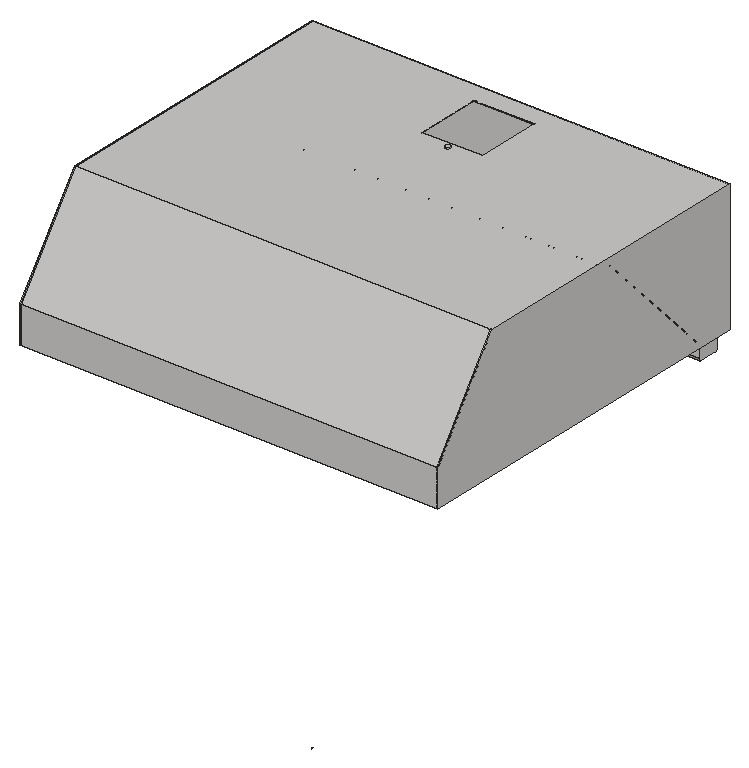
Revit family "QF_ELECTROLUXPROFESSIONAL_644229_ABPV1416BT", category Attrezzature speciali, Revit 2021
Family settings
  Quota connettore circolare = Usa diametro
  Tipo di parte = Normale
  Basato su piano di lavoro = No
  Sempre verticale = Sì
  Taglio con vuoti quando caricato = No
  Condiviso = No
  Punto di calcolo locali = No
Parameters (values of type "Standard")
  Weight = 57.00 kg
  Watts = 300 W
  Volts = 220 V
  URL Manufacturer = "https://www.electroluxprofessional.com/"
  URL = "https://www.electroluxprofessional.com/"
  Steam Supply Size = 0 mm
  Steam Supply Minimum Pressure = 0.0 Pa
  Steam Supply Maximum Pressure = 0.0 Pa
  Steam Consumption per Hour = 0
  Refrigeration Suction Line Size = 0 mm
  Refrigeration Liquid Line Size = 0 mm
  Refrigerant Compressor Remote = yes
  Prospetto di default = 0 mm
  Produttore = "Electrolux Professional"
  Phase = 1
  Modello = "ABPV1416BT"
  Length Actual = 1600 mm  # constant formula
  Item Number = "644229"
  Hot Water Size = 0 mm
  Height Actual = 500 mm  # constant formula
  HP = "0.4 HP"
  Gas Size = 0 mm
  Gas KW = 0
  Gas Input Pressure = 0 W
  Direct Waste Size = 0 mm
  Descrizione = "430 S/S WALL HOOD+FILTER+FAN 1600X1400MM"
  Depth Actual = 1400 mm  # constant formula
  Cycle = 50 Hz
  Condensate Return Size = 0 mm
  Compressed Air Volume = 0.0 L/s
  Compressed Air Size = 0 mm
  Compressed Air Pressure = 0.0 Pa
  Cold Water Size = 0 mm
  Accessory = yes
Reference planes
  plane 1: z = 0
  plane 2 "Center (Left/Right)": x = 150
  plane 3 "LEFT": x = -650
  plane 4 "RIGHT": x = 950
  plane 5 "BACK": y = 550
  plane 6 "TOP": z = 2500
  plane 7 "Base": z = 2000
  plane 8: z = 1926
  plane 9 "DrainY": y = 485
  plane 10: x = -647
  plane 11: through (0, 414.509, 2000.8) normal (0, 0.7314, 0.682)
  plane 12: y = 470
  plane 13: y = 220
  plane 14 "DrainX": x = 830
  plane 15: x = 33.5
  plane 16: x = 266.5
  plane 17: x = 947
  plane 18: x = 740
  plane 19: x = 920
  plane 20: x = -450
  plane 21: x = 750
  plane 22: x = -47.5
  plane 23: x = 347.5
  plane 24: z = 2140
  plane 25: y = -290
  plane 26: y = 200
  plane 27 "Center (Front/Back)": y = -150
  plane 28 "Front": y = -850
Forms (mm)
  Extrusion 1, solid, material "QF_Finishes_Stainless Steel"
    sketch origin (-650, 0, 360) x (0, 1, 0) y (0, 0, 1)
      loop
        line (550, 1640) -> (550, 2140) -> (-590, 2140) -> (-850, 1780) -> (-850, 1640) -> (550, 1640)
    from 0 to 3
  Extrusion 2, solid, material "QF_Finishes_Stainless Steel"
    sketch origin (150, 0, 360) x (0, 1, 0) y (0, 0, 1)
      loop
        line (415.255, 1640) -> (550, 1640) -> (550, 2139.19) -> (549.2, 2139.19) -> (549.2, 1640.8) -> (415.876, 1640.8) -> (339.347, 1722.867) -> (349.609, 1732.436) -> (348.927, 1733.167) -> (337.934, 1722.917) -> (415.255, 1640)
      loop
        line (-82.203, 2139.19) -> (-82.203, 2118.6) -> (-31.047, 2118.6) -> (34.354, 2048.466) -> (46.028, 2059.352) -> (45.346, 2060.083) -> (34.403, 2049.879) -> (-30.612, 2119.6) -> (-81.203, 2119.6) -> (-81.203, 2139.19) -> (-82.203, 2139.19)
    from -797 to 797
  Extrusion 3, solid, material "QF_Finishes_Stainless Steel"
    sketch origin (950, 0, 360) x (0, 1, 0) y (0, 0, 1)
      loop
        line (550, 1640) -> (550, 2140) -> (-590, 2140) -> (-850, 1780) -> (-850, 1640) -> (550, 1640)
    from 0 to -3
  Extrusion 4, solid, material "QF_Finishes_Stainless Steel"
    sketch origin (150, 0, 360) x (0, 1, 0) y (0, 0, 1)
      loop
        line (-590, 2140) -> (-850, 1780) -> (-850, 1640) -> (-849.2, 1640) -> (-849.2, 1779.741) -> (-589.598, 2139.19) -> (550, 2139.19) -> (550, 2140) -> (-590, 2140)
    from -800 to 800
  Extrusion 5, solid, material "QF_Finishes_Stainless Steel"
    sketch origin (150, 0, 360) x (0, 1, 0) y (0, 0, 1)
      loop
        line (534, 1640) -> (436, 1640) -> (436, 1627) -> (443.5, 1627) -> (443.5, 1576)
        arc (443.5, 1576) -> (446.429, 1568.929) -> (453.5, 1566) r 10
        line (453.5, 1566) -> (516.5, 1566)
        arc (516.5, 1566) -> (523.571, 1568.929) -> (526.5, 1576) r 10
        line (526.5, 1576) -> (526.5, 1627) -> (534, 1627) -> (534, 1640)
    from 590 to 770
  Extrusion 6, solid, material "QF_Finishes_Stainless Steel"
    sketch origin (0, 0, 2000) x (0, 1, 0) y (-1, 0, 0)
      loop
        circle (485, -830) r 20
    from -76 to -74
  Extrusion 7, solid, material "QF_Finished_Chrome"
    sketch origin (150, 0, 360) x (0, 1, 0) y (0, 0, 1)
      loop
        line (337.934, 1722.917) -> (341.591, 1726.327) -> (38.011, 2051.876) -> (34.354, 2048.466) -> (337.934, 1722.917)
    from -197.5 to -600
  Extrusion 8, solid, material "QF_Finishes_Stainless Steel"
    sketch origin (150, 0, 360) x (0, 1, 0) y (0, 0, 1)
      loop
        line (337.934, 1722.917) -> (341.591, 1726.327) -> (38.011, 2051.876) -> (34.354, 2048.466) -> (337.934, 1722.917)
    from 797 to 600
  Extrusion 9, solid, material "QF_Finished_Chrome"
    sketch origin (150, 0, 360) x (0, 1, 0) y (0, 0, 1)
      loop
        line (341.588, 1726.324) -> (38.009, 2051.874) -> (34.354, 2048.466) -> (337.934, 1722.917) -> (341.588, 1726.324)
    from 197.5 to 600
  Extrusion 10, void
    sketch origin (0, 0, 2500) x (0, 1, 0) y (-1, 0, 0)
      loop
        line (470, -266.5) -> (470, -33.5) -> (220, -33.5) -> (220, -266.5) -> (470, -266.5)
    from 0 to -10
  Extrusion 11, solid, material "QF_Finishes_Stainless Steel"
    sketch origin (0, 0, 0) x (1, 0, 0) y (0, 1, 0)
      loop
        line (-650, 550) -> (-650, 549) -> (-649, 549) -> (-649, 550) -> (-650, 550)
    from 0 to 1
  Extrusion 12, solid, material "QF_Finishes_Stainless Steel"
    sketch origin (150, 0, 360) x (0, 1, 0) y (0, 0, 1)
      loop
        line (337.934, 1722.917) -> (341.591, 1726.327) -> (38.011, 2051.876) -> (34.354, 2048.466) -> (337.934, 1722.917)
    from -600 to -797
  Extrusion 13, solid, material "QF_Finishes_Stainless Steel"
    sketch origin (150, 0, 360) x (0, 1, 0) y (0, 0, 1)
      loop
        line (337.934, 1722.917) -> (341.591, 1726.327) -> (38.011, 2051.876) -> (34.354, 2048.466) -> (337.934, 1722.917)
    from 197.5 to -197.5
  Extrusion 14, solid, material "QF_Finishes_Stainless Steel"
    sketch origin (0, 0, 2500) x (0, 1, 0) y (-1, 0, 0)
      loop
        circle (200, -150) r 10
    from 0 to 1.6
Cuts and joins
  Extrusion 10 cuts Extrusion 4
  joined: Extrusion 2, Extrusion 4
Lines and regions (mm)
  reference lines
    curve 1: line (150, 34.354, 2408.466) -> (150, 34.354, 2248.466)
  symbolic lines, style "SpecialityEquipment", detail levels coarse
    curve 2: line (950, 550, 2500) -> (-650, 550, 2500)
    curve 3: line (-650, 550, 2500) -> (-650, -850, 2500)
    curve 4: line (950, -850, 2500) -> (950, 550, 2500)
    curve 5: line (-650, -850, 2500) -> (950, -850, 2500)
    curve 6: line (266.5, 220, 2500) -> (33.5, 220, 2500)
    curve 7: line (266.5, 470, 2500) -> (266.5, 220, 2500)
    curve 8: line (33.5, 470, 2500) -> (266.5, 470, 2500)
    curve 9: line (33.5, 220, 2500) -> (33.5, 470, 2500)
    curve 10: line (-647, -589.598, 0) -> (950, 550, 0)
    curve 11: line (-650, 550, 0) -> (950, -589.598, 0)
  symbolic lines, detail levels coarse
    curve 12: line (950, -589.598, 2500) -> (-650, -589.598, 2500)
Dimensions and locks
  plane 3 "LEFT" to plane 4 "RIGHT" = 1600 mm
  equal spacing: plane 3 "LEFT", plane 2 "Center (Left/Right)", plane 4 "RIGHT"
  locked: plane 6 "TOP" to plane 7 "Base" at 500
  plane 7 "Base" to plane 8 = 74 mm
  plane 5 "BACK" to plane 9 "DrainY" = 65 mm  (x2)
  plane 3 "LEFT" to plane 10 = 3 mm
  plane 5 "BACK" to plane 12 = 80 mm
  plane 12 to plane 13 = 250 mm  (x2)
  plane 14 "DrainX" to plane 4 "RIGHT" = 120 mm
  plane 17 to plane 4 "RIGHT" = 3 mm
  locked: plane 18 to plane 14 "DrainX" at 90
  locked: plane 14 "DrainX" to plane 19 at 90
  plane 12 to plane 5 "BACK" = 80 mm
  plane 3 "LEFT" to plane 20 = 200 mm
  plane 21 to plane 4 "RIGHT" = 200 mm
  locked: plane 22 to plane 23 at 395
  equal spacing: plane 22, plane 2 "Center (Left/Right)", plane 23
  locked: plane 15 to plane 16 at 233
  equal spacing: plane 15, plane 2 "Center (Left/Right)", plane 16
  locked: plane 7 "Base" to level at 2000
  plane 24 to plane 7 "Base" = 140 mm
  plane 13 to plane 26 = 20 mm
  locked: plane 5 "BACK" to plane 28 "Front" at 1400
  equal spacing: plane 5 "BACK", plane 27 "Center (Front/Back)", plane 28 "Front"
  plane 5 "BACK" to plane 28 "Front" = 1400 mm
  aligned and locked: level to plane 1
  aligned and locked: Extrusion 2 to Extrusion 1
  aligned and locked: Extrusion 2 to Extrusion 3
  aligned and locked: plane 4 "RIGHT" to Extrusion 4
  aligned and locked: Extrusion 4 to plane 3 "LEFT"
  aligned and locked: plane 17 to Extrusion 8
  aligned and locked: Extrusion 10 to plane 15
  aligned and locked: Extrusion 10 to plane 13
  aligned and locked: Extrusion 10 to plane 12
  aligned and locked: Extrusion 2 to Extrusion 4
  aligned and locked: plane 19 to Extrusion 5
  aligned and locked: Extrusion 5 to plane 18
  aligned and locked: Extrusion 8 to plane 21
  aligned and locked: Extrusion 9 to plane 21
  aligned and locked: Extrusion 7 to plane 20
  aligned and locked: Extrusion 12 to plane 10
  aligned and locked: plane 20 to Extrusion 12
  aligned and locked: Extrusion 3 to plane 17
  aligned and locked: Extrusion 10 to plane 16
  aligned and locked: plane 16 to curve 7
  aligned and locked: plane 23 to Extrusion 13
  aligned and locked: Extrusion 13 to plane 22
  aligned and locked: Extrusion 9 to plane 23
Automatic sketch dimensions
  curve 5 to plane 4 "RIGHT" = 0 mm
  curve 6 to plane 13 = 0 mm
  plane 12 to curve 8 = 0 mm
  curve 3 to plane 3 "LEFT" = 0 mm
  curve 3 to plane 5 "BACK" = 0 mm
  curve 6 to plane 15 = 0 mm
  Extrusion 2 sketch curve to plane 11 = 0 mm  (x3)
  Extrusion 2 sketch curve to plane 7 "Base" = 0 mm
  plane 11 to Extrusion 2 sketch curve = 0 mm
  Extrusion 2 sketch curve to plane 5 "BACK" = 0 mm
  Extrusion 2 sketch curve to Extrusion 2 sketch curve = 65.646 mm
  Extrusion 2 sketch curve to Extrusion 2 sketch curve = 0.682 mm  (x2)
  Extrusion 2 sketch curve to Extrusion 2 sketch curve = 10.261 mm
  plane 7 "Base" to Extrusion 2 sketch curve = 82.917 mm
  Extrusion 2 sketch curve to Extrusion 2 sketch curve = 10.942 mm
  Extrusion 2 sketch curve to Extrusion 2 sketch curve = 0.049 mm
  Extrusion 2 sketch curve to plane 6 "TOP" = 20.4 mm
  Extrusion 2 sketch curve to plane 6 "TOP" = 21.4 mm
  Extrusion 2 sketch curve to plane 6 "TOP" = 0.81 mm  (x2)
  Extrusion 2 sketch curve to Extrusion 2 sketch curve = 50.156 mm
  Extrusion 2 sketch curve to Extrusion 2 sketch curve = 1 mm
  plane 7 "Base" to Extrusion 2 sketch curve = 0.8 mm
  Extrusion 2 sketch curve to plane 5 "BACK" = 0.8 mm
  curve 1 to plane 11 = 0 mm
  Extrusion 5 sketch curve to plane 7 "Base" = 0 mm
  Extrusion 5 sketch curve to plane 8 = 0 mm
  Extrusion 5 sketch curve to plane 7 "Base" = 13 mm  (x2)
  plane 12 to Extrusion 5 sketch curve = 34 mm
  Extrusion 5 sketch curve to Extrusion 5 sketch curve = 7.5 mm  (x2)
  Extrusion 5 sketch curve to Extrusion 5 sketch curve = 10 mm
  plane 9 "DrainY" to Extrusion 5 sketch curve = 31.5 mm
  Extrusion 5 sketch curve to plane 5 "BACK" = 23.5 mm
  Extrusion 6 sketch curve to plane 9 "DrainY" = 0 mm
  Extrusion 6 sketch curve to plane 14 "DrainX" = 0 mm
  Extrusion 7 sketch curve to plane 11 = 0 mm  (x2)
  Extrusion 7 sketch curve to Extrusion 7 sketch curve = 3.657 mm
  plane 7 "Base" to Extrusion 7 sketch curve = 82.917 mm
  Extrusion 8 sketch curve to plane 11 = 0 mm  (x2)
  Extrusion 8 sketch curve to Extrusion 8 sketch curve = 3.657 mm
  plane 7 "Base" to Extrusion 8 sketch curve = 82.917 mm
  Extrusion 9 sketch curve to plane 11 = 0 mm  (x2)
  Extrusion 9 sketch curve to Extrusion 9 sketch curve = 3.655 mm
  plane 7 "Base" to Extrusion 9 sketch curve = 82.917 mm
  Extrusion 10 sketch curve to plane 13 = 0 mm
  plane 12 to Extrusion 10 sketch curve = 0 mm
  Extrusion 10 sketch curve to plane 16 = 0 mm
  Extrusion 10 sketch curve to plane 15 = 0 mm
  Extrusion 11 sketch curve to plane 3 "LEFT" = 0 mm
  Extrusion 11 sketch curve to plane 5 "BACK" = 0 mm
  plane 3 "LEFT" to Extrusion 11 sketch curve = 1 mm
  Extrusion 11 sketch curve to Extrusion 11 sketch curve = 1 mm
  Extrusion 12 sketch curve to plane 11 = 0 mm  (x2)
  Extrusion 12 sketch curve to Extrusion 12 sketch curve = 3.657 mm
  plane 7 "Base" to Extrusion 12 sketch curve = 82.917 mm
  Extrusion 13 sketch curve to plane 11 = 0 mm  (x2)
  Extrusion 13 sketch curve to Extrusion 13 sketch curve = 3.657 mm
  plane 7 "Base" to Extrusion 13 sketch curve = 82.917 mm
  curve 1 to curve 1 = 160 mm
  Extrusion 4 sketch curve to plane 6 "TOP" = 0 mm
  plane 25 to Extrusion 4 sketch curve = 300 mm
  Extrusion 4 sketch curve to plane 5 "BACK" = 0 mm
  Extrusion 4 sketch curve to plane 24 = 0 mm
  Extrusion 4 sketch curve to Extrusion 4 sketch curve = 0.81 mm
  plane 25 to Extrusion 4 sketch curve = 299.598 mm
  Extrusion 4 sketch curve to plane 7 "Base" = 0 mm
  Extrusion 4 sketch curve to plane 24 = 0.259 mm
  Extrusion 1 sketch curve to plane 5 "BACK" = 0 mm
  Extrusion 1 sketch curve to plane 7 "Base" = 0 mm
  Extrusion 1 sketch curve to plane 6 "TOP" = 0 mm
  plane 25 to Extrusion 1 sketch curve = 300 mm
  Extrusion 1 sketch curve to plane 24 = 0 mm
  Extrusion 3 sketch curve to plane 5 "BACK" = 0 mm
  Extrusion 3 sketch curve to plane 7 "Base" = 0 mm
  Extrusion 3 sketch curve to plane 6 "TOP" = 0 mm
  plane 25 to Extrusion 3 sketch curve = 300 mm
  Extrusion 3 sketch curve to plane 24 = 0 mm
  Extrusion 14 sketch curve to plane 2 "Center (Left/Right)" = 0 mm
  plane 26 to Extrusion 14 sketch curve = 0 mm
  Extrusion 2 sketch curve to plane 6 "TOP" = 91.534 mm
  plane 24 to curve 1 = 108.466 mm
  Extrusion 7 sketch curve to plane 6 "TOP" = 88.124 mm
  Extrusion 8 sketch curve to plane 6 "TOP" = 88.124 mm
  Extrusion 9 sketch curve to plane 6 "TOP" = 88.126 mm
  Extrusion 12 sketch curve to plane 6 "TOP" = 88.124 mm
  Extrusion 13 sketch curve to plane 6 "TOP" = 88.124 mm
  plane 25 to curve 5 = 560 mm
  plane 25 to Extrusion 1 sketch curve = 560 mm
  plane 25 to Extrusion 3 sketch curve = 560 mm
  plane 25 to Extrusion 4 sketch curve = 559.2 mm
  Extrusion 4 sketch curve to Extrusion 4 sketch curve = 0.8 mm
  curve 11 to plane 3 "LEFT" = 0 mm
  curve 10 to plane 10 = 0 mm
  curve 10 to plane 4 "RIGHT" = 0 mm
  curve 11 to plane 4 "RIGHT" = 0 mm
  curve 11 to plane 5 "BACK" = 0 mm
  curve 10 to plane 5 "BACK" = 0 mm
  plane 28 "Front" to curve 10 = 260.402 mm
  plane 28 "Front" to curve 11 = 260.402 mm
  curve 4 to curve 12 = 260.402 mm
  radius of Extrusion 6 sketch curve = 20 mm
  radius of Extrusion 14 sketch curve = 10 mm
Connectors
  piping at (830, 485, 1924), diameter 20
    settings: on Extrusion 6, index 1, connector inside diameter 609.6 mm, connector length 0 mm, flow factor 0, pipe flow 0.0 L/s, pressure drop 0.0 Pa, fitting loss kfactor 0, connector angle 0.00°, fixture units 0, engagement length 0 mm, angle of deflection 0.00°, flow configuration 1, flow direction 2, fitting loss method 0, system type 16, joint type 0, gender type 0, connector reference index -1, connector utility 0, adjustable connector no, is connector primary yes, connector description "Drain"
  hvac at (150, 345, 2500)
    settings: on Extrusion 10, index 2, duct flow 0.0 L/s, flow factor 0, pres drop 0.0 Pa, loss coef 0, conn angle 0.00°, conn width 250 mm, conn height 233 mm, conn diameter 609.6 mm, duct sys type 3, conn prof type 1, flow config 1, flow direction 2, loss method 0, conn ref index -1, conn util no, is conn primary yes, conn desc "EXHAUST OUTLET"
  electrical at (150, 200, 2501.6), driven by "Volts"
    settings: on Extrusion 14, index 3, voltage 220 V, apparent load 0 VA, apparent load phase1 0 VA, apparent load phase2 0 VA, apparent load phase3 0 VA, power factor 1, load classification "Other", number of poles 1, system type 30, power factor state 1, is connector primary yes, connector utility no, sub classification motor no, connector description "Electrical Connection"
